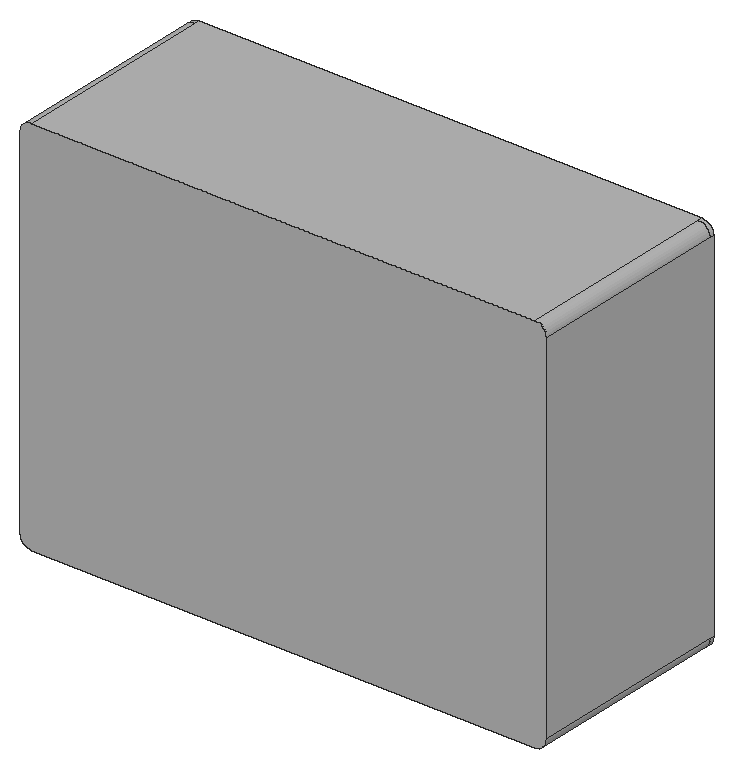
Revit family "245020 Nøkkelsafe kvadratisk", category Fire Alarm Devices, Revit 2016
Family settings
  Maintain Annotation Orientation = Yes
  Part Type = Normal
  Round Connector Dimension = Use Diameter
  OmniClass Number = 23.85.30.21.11.17
  OmniClass Title = Other Components
  Work Plane-Based = No
  Always vertical = No
  Cut with Voids When Loaded = No
  Shared = No
  Room Calculation Point = No
Parameters (values of type "Nøkkelsafe")
  Type Comments = "-UK"
  Reference Line Out [instance] = 50.00 mm
  NS8360 = "5423_XN5"
  Manufacturer = "Honeywell"
  Keynote = "XN5"
  CQ Width = 227.00 mm
  CQ Symbol Positive Direction [instance] = yes
  CQ Symbol Offset Side [instance] = 0.00 mm
  CQ Symbol Offset Out [instance] = 0.00 mm
  CQ Height = 90.00 mm
  CQ Material = Gray
  CQ Length = 165.00 mm
  Assembly Code = "5423"
Reference planes
  plane 1 "Center (Front/Back)": y = 0
  plane 2: z = 0
  plane 3 "Center (Left/Right)": x = 0
  plane 4: y = 90
  plane 5: z = 82.5
  plane 6: x = 113.5
  plane 7: z = -82.5
  plane 8: x = -113.5
  plane 9: y = 88
Forms (mm)
  Extrusion 1, solid, material "Gray" <- "CQ Material"
    sketch origin (0, 0, 0) x (1, 0, 0) y (0, 0, 1)
      loop
        arc (-108.5, 82.5) -> (-112.036, 81.036) -> (-113.5, 77.5) r 5
        line (-113.5, 77.5) -> (-113.5, -77.5)
        arc (-113.5, -77.5) -> (-112.036, -81.036) -> (-108.5, -82.5) r 5
        line (-108.5, -82.5) -> (108.5, -82.5)
        arc (108.5, -82.5) -> (112.036, -81.036) -> (113.5, -77.5) r 5
        line (113.5, -77.5) -> (113.5, 77.5)
        arc (113.5, 77.5) -> (112.036, 81.036) -> (108.5, 82.5) r 5
        line (108.5, 82.5) -> (-108.5, 82.5)
    from 0 to -88
  Extrusion 2, solid, material "Gray" <- "CQ Material"
    sketch origin (0, 0, 0) x (1, 0, 0) y (0, 0, -1)
      loop
        line (-108.5, -82.5) -> (108.5, -82.5)
        arc (108.5, -82.5) -> (112.036, -81.036) -> (113.5, -77.5) r 5
        line (113.5, -77.5) -> (113.5, 77.5)
        arc (113.5, 77.5) -> (112.036, 81.036) -> (108.5, 82.5) r 5
        line (108.5, 82.5) -> (-108.5, 82.5)
        arc (-108.5, 82.5) -> (-112.036, 81.036) -> (-113.5, 77.5) r 5
        line (-113.5, 77.5) -> (-113.5, -77.5)
        arc (-113.5, -77.5) -> (-112.036, -81.036) -> (-108.5, -82.5) r 5
      loop
        line (-108.5, -77.5) -> (108.5, -77.5) -> (108.5, 77.5) -> (-108.5, 77.5) -> (-108.5, -77.5)
    from 90 to 88
  Extrusion 3, solid, material "Gray" <- "CQ Material"
    sketch origin (0, 10, 0) x (1, 0, 0) y (0, 0, 1)
      loop
        circle (0, 0) r 15
    from -78 to -80
Cuts and joins
  joined: Extrusion 1, Extrusion 2
Lines and regions (mm)
  model lines, style "InvisibleLines"
    curve 1: line (0, 0, 0) -> (0, 2, 0)
    curve 2: line (0, 0, 0) -> (0, 50, 0)
Dimensions and locks
  equal spacing: plane 6, plane 3 "Center (Left/Right)", plane 8
  equal spacing: plane 5, plane 2, plane 7
  "CQ Width": plane 6 to plane 8
  "CQ Length": plane 5 to plane 7
  "CQ Height": plane 4 to plane 1 "Center (Front/Back)"
  "Reference Line Out": plane 1 "Center (Front/Back)" to curve 2
  locked: Extrusion 2 sketch curve to plane 8 at 5
  locked: plane 5 to Extrusion 2 sketch curve at 5
  locked: plane 6 to Extrusion 2 sketch curve at 5
  locked: Extrusion 2 sketch curve to plane 7 at 5
  locked: plane 4 to plane 9 at 2
  radius of Extrusion 1 sketch curve = 5.00 mm  (x4)
  radius of Extrusion 2 sketch curve = 5.00 mm  (x4)
  diameter of Extrusion 3 sketch curve = 30.00 mm
  aligned and locked: level to plane 2
  aligned and locked: curve 1 to plane 2
  aligned and locked: Extrusion 1 sketch curve to plane 5
  aligned and locked: plane 8 to Extrusion 1 sketch curve
  aligned and locked: Extrusion 1 sketch curve to plane 7
  aligned and locked: Extrusion 1 sketch curve to plane 6
  aligned and locked: curve 2 to plane 3 "Center (Left/Right)"
  aligned and locked: plane 1 "Center (Front/Back)" to curve 2
  aligned and locked: curve 2 to plane 2
  aligned and locked: plane 3 "Center (Left/Right)" to nested 1
  aligned and locked: plane 1 "Center (Front/Back)" to nested 1
  aligned and locked: Extrusion 2 to plane 4
  aligned and locked: Extrusion 2 sketch curve to plane 5
  aligned and locked: plane 8 to Extrusion 2 sketch curve
  aligned and locked: Extrusion 2 sketch curve to plane 7
  aligned and locked: Extrusion 2 sketch curve to plane 6
  aligned and locked: plane 3 "Center (Left/Right)" to Extrusion 3 sketch curve
  aligned and locked: level to Extrusion 3 sketch curve
  aligned and locked: Extrusion 3 to plane 4
  aligned and locked: cut or joined group of Extrusion 1, Extrusion 2 to plane 9
  aligned and locked: Extrusion 3 to plane 9
  aligned and locked: plane 9 to cut or joined group of Extrusion 1, Extrusion 2
  aligned and locked: plane 1 "Center (Front/Back)" to cut or joined group of Extrusion 1, Extrusion 2
Automatic sketch dimensions
  curve 1 to plane 1 "Center (Front/Back)" = 2.00 mm
Nested families
  nested 1: "Nøkkelboks" at (0, 0, 0), type "Type 1"
Connectors
  electrical at (0, 0, 0)
    settings: index 1, voltage 0 V, apparent load 0 VA, apparent load phase1 0 VA, apparent load phase2 0 VA, apparent load phase3 0 VA, power factor 1, load classification "Other", number of poles 1, system type 11, power factor state 1, is connector primary yes, connector utility no, sub classification motor no, connector description ""
Definition of nested family "Nøkkelboks"
  Parameters
    CQ Symbol Positive Direction = yes
    CQ Symbol Negative Direction = not(CQ Symbol Positive Direction)  # no
    CQ Symbol Offset Side = 0.00 mm
    CQ Symbol Offset Out = 1.00 mm
  Reference planes
    plane 1: y = 0
    plane 2: x = 0
  Dimensions and locks
    "CQ Symbol Offset Side": nested 2 to plane 2
    "CQ Symbol Offset Side": plane 2 to nested 1
    "CQ Symbol Offset Out": plane 1 to nested 1
    "CQ Symbol Offset Out": plane 1 to nested 2
  Nested families
    nested 1: "Family19" at (0, 1, 0), visible <- "CQ Symbol Positive Direction", type "Family19"
    nested 2: "Family19" at (0, 1, 0), visible <- "CQ Symbol Negative Direction", type "Family19"
  Definition of nested family "Family19"
    Reference planes
      plane 1: y = 0
      plane 2: x = 0
    Lines and regions (mm)
      detail lines
        curve 1: line (-3, 0, 0) -> (3, 0, 0)
        curve 2: line (3, 0, 0) -> (3, 3, 0)
        curve 3: line (3, 3, 0) -> (-3, 3, 0)
        curve 4: line (-3, 3, 0) -> (-3, 0, 0)
        curve 5: line (2.134, 1.506, 0) -> (2.134, 0.256, 0)
        curve 6: line (0.782, 1.506, 0) -> (0.782, 0.688, 0)
        curve 7: line (-0.75, 1.506, 0) -> (2.134, 1.506, 0)
        curve 8: spline (-1.5, 0.283, 0) -> (-1.306, 0.325, 0) -> (-1.125, 0.446, 0) -> (-0.97, 0.639, 0) -> (-0.85, 0.892, 0) -> (-0.776, 1.185, 0) -> (-0.75, 1.5, 0) -> (-0.776, 1.815, 0) -> (-0.85, 2.108, 0) -> (-0.97, 2.361, 0) -> (-1.125, 2.554, 0) -> (-1.306, 2.675, 0) -> (-1.5, 2.717, 0) -> (-1.694, 2.675, 0) -> (-1.875, 2.554, 0) -> (-2.03, 2.361, 0) -> (-2.15, 2.108, 0) -> (-2.224, 1.815, 0) -> (-2.25, 1.5, 0) -> (-2.224, 1.185, 0) -> (-2.15, 0.892, 0) -> (-2.03, 0.639, 0) -> (-1.875, 0.446, 0) -> (-1.694, 0.325, 0) -> (-1.5, 0.283, 0)
        curve 10: line (0, 3.5, 0) -> (4.183, 3.5, 0)
      reference lines
        curve 9: line (0, 3, 0) -> (0, 0, 0)
    Text (mm)
      text "br." at (2.322, 5.149, 0)
